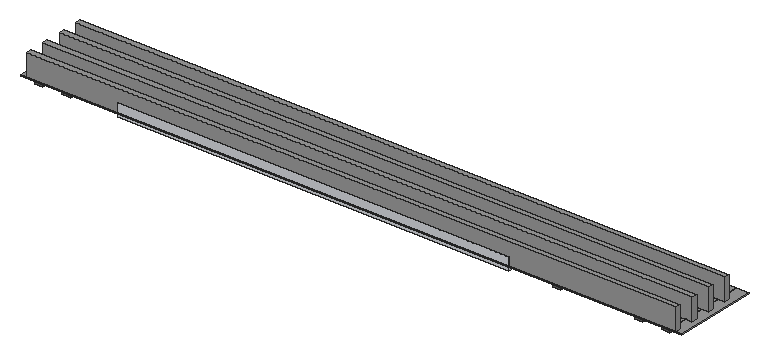
Revit family "1114-4, Solid", category Generic Models, host Face, Revit 2020
Family settings
  Host = Face
  Can host rebar = No
  Round Connector Dimension = Use Diameter
  Part Type = Normal
  Cut with Voids When Loaded = No
  Shared = No
  Room Calculation Point = No
Parameters
  min_value [instance] = 1' - 11 1/4"  # constant formula
  max_value [instance] = 11' - 11 1/4"  # constant formula
  actual_value [instance] = if(NET LENGTH < min_value, min_value, if(NET LENGTH > max_value, max_value, NET LENGTH))  # 7' - 11 1/4"
  SCRIM MATERIAL [instance] = SCRIM
  SCRIM [instance] = yes
  NET LENGTH [instance] = 7' - 11 1/4"
  Default Elevation = 4' - 0"
  BACKER MATERIAL [instance] = BLACK-BACKERS
  .. MEMBER WIDTH [instance] = 0' - 0 3/4"  # constant formula
  .. MEMBER MATERIAL [instance] = Solid Western Hemlock
  .. MEMBER LENGTH [instance] = actual_value  # 7' - 11 1/4"
  .. MEMBER DEPTH [instance] = 0' - 3 1/4"  # constant formula
  .. MEMBER COUNT [instance] = 4  # constant formula
  IMPORTANT NOTE!!!                                                                             *Backer layout is for visualization purposes only, final layout to be determined by 9Wood. [instance] = ""
Reference planes (in)
  plane 1 "Center (Front/Back)": y = 0
  plane 2: z = 1.82209
  plane 3 "Center (Left/Right)": x = 0
Forms (in)
  Extrusion 1, solid
    sketch origin (132, -33.80483, 0) x (1, 0, 0) y (0, 1, 0)
      loop
        line (-118.625, 33.80483) -> (-61.26146, 33.80483) -> (-61.26146, 45.86733) -> (-118.625, 45.86733) -> (-118.625, 33.80483)
    from 1.82209 to 0
Dimensions and locks (in)
  aligned and locked: Extrusion 1 to plane 2
  aligned and locked: plane 3 "Center (Left/Right)" to nested 1
Nested families (in)
  nested 1: "1100 SERIES CONFIG" at (0, 2, 0), .. MEMBER DEPTH <- ".. MEMBER DEPTH", .. MEMBER LENGTH <- ".. MEMBER LENGTH", .. MEMBER WIDTH <- ".. MEMBER WIDTH", .. MEMBER MATERIAL <- ".. MEMBER MATERIAL", BACKING M MATERIAL <- "BACKER MATERIAL", SCRIM  MATERIAL <- "SCRIM MATERIAL", .. MEMBER COUNT <- ".. MEMBER COUNT", SCRIM <- "SCRIM", type "1100 SERIES CONFIG"
    with X 7' - 8", SCRIM OVERHANG 2 0' - 0 3/32", SCRIM OVERHANG 0' - 0 7/8", SCRIM LENGTH 8' - 1", SCRIM  MATERIAL SCRIM, SCRIM yes, NOMINAL LENGTH 7, N 8, Inset 6' - 0 3/8", INSET 0' - 1", INDEX 0' - 5 5/8", HALF MEMBER WIDTH 0' - 0 3/8", HALF LENGTH 3' - 11 5/8", END BACKER yes, BACKING M WIDTH 0' - 1 1/4", BACKING M OC SPACING 1' - 0", BACKING M MATERIAL BLACK-BACKERS, BACKING M LENGTH 0' - 11 7/8", BACKING M DEPTH 0' - 0 1/2", BACKING M COUNT 8, 3/16" INSET 0' - 0 3/16", .. MEMBER WIDTH 0' - 0 3/4", .. MEMBER OC SPACING 0' - 3", .. MEMBER MATERIAL Solid Western Hemlock, .. MEMBER LENGTH 7' - 11 1/4", .. MEMBER DEPTH 0' - 3 1/4", .. MEMBER COUNT 4
Definition of nested family "1100 SERIES CONFIG"
  Parameters (values of type "1100 SERIES CONFIG")
    X [instance] = .. MEMBER LENGTH - 0' 3 1/4"  # 5' - 5"
    SCRIM OVERHANG 2 [instance] = 0' - 0 3/32"  # constant formula
    SCRIM OVERHANG [instance] = 0' - 0 7/8"  # constant formula
    SCRIM LENGTH [instance] = .. MEMBER LENGTH + (SCRIM OVERHANG * 2)  # 5' - 10"
    SCRIM  MATERIAL [instance] = none
    SCRIM [instance] = yes
    NOMINAL LENGTH [instance] = 7
    N [instance] = if((X - (rounddown(X / 1' 0") * 1' 0")) > 1' 0", rounddown(X / 1' 0") + 2, rounddown(X / 1' 0") + 1)  # 6
    Inset [instance] = 6' - 0 3/8"  # constant formula
    INSET [instance] = 0' - 1"  # constant formula
    END BACKER [instance] = INDEX > 0' 3 5/8"  # yes
    INDEX [instance] = (.. MEMBER LENGTH - ((N - 1) * 1' 0")) / 2  # 0' - 4 1/8"
    HALF MEMBER WIDTH [instance] = .. MEMBER WIDTH / 2  # 0' - 0 5/16"
    HALF LENGTH [instance] = .. MEMBER LENGTH / 2  # 2' - 10 1/8"
    Default Elevation = 0' - 0"
    BACKING M WIDTH [instance] = 0' - 1 1/4"
    BACKING M SPACING = 3' - 3"
    BACKING M MATERIAL [instance] = none
    BACKING M LENGTH [instance] = 0' - 11 7/8"
    BACKING M DEPTH [instance] = 0' - 0 1/2"
    BACKING M COUNT [instance] = N  # 6
    BACKING M OC SPACING [instance] = 1' - 0"  # constant formula
    3/16" INSET [instance] = 0' - 0 3/16"  # constant formula
    .. MEMBER WIDTH [instance] = 0' - 0 5/8"
    .. MEMBER OC SPACING [instance] = 1' 0" / .. MEMBER COUNT  # 0' - 4"
    .. MEMBER MATERIAL [instance] = none
    .. MEMBER LENGTH [instance] = 5' - 8 1/4"
    .. MEMBER DEPTH [instance] = 0' - 1 3/8"
    .. MEMBER COUNT [instance] = 3
  Reference planes (in)
    plane 1 "Center (Front/Back)": y = -2
    plane 2: z = 0
    plane 3 "Center (Left/Right)": x = 0
    plane 4: x = 1
    plane 5: x = 4.125
    plane 6: x = 34.125
    plane 7: x = 68.25
    plane 8: x = 67.25
    plane 9: x = 16.125
    plane 10: y = -1.8125
    plane 11: y = -1.6875
    plane 12: y = 2.3125
    plane 13: x = 69.125
    plane 14: x = -0.875
    plane 15: z = 0.5
    plane 16: z = 0.5625
    plane 17: y = 10.0625
    plane 18: y = 10.15625
    plane 19: y = -2.09375
  Dimensions and locks (in)
    "INSET": plane 3 "Center (Left/Right)" to plane 4
    "INDEX": plane 3 "Center (Left/Right)" to plane 5
    "HALF LENGTH": plane 3 "Center (Left/Right)" to plane 6
    ".. MEMBER LENGTH": plane 3 "Center (Left/Right)" to plane 7
    "INSET": plane 8 to plane 7
    equal spacing: group 2, group 3, group 6, group 7, group 8, group 9  (x3)
    "3/16" INSET": plane 1 "Center (Front/Back)" to plane 10
    ".. MEMBER OC SPACING": plane 12 to plane 11
    "SCRIM OVERHANG": plane 14 to plane 3 "Center (Left/Right)"
    "SCRIM OVERHANG": plane 7 to plane 13
    equal spacing: group 1, group 4, group 5  (x2)
    equal spacing: group 5, group 4, group 1
    "HALF MEMBER WIDTH": plane 1 "Center (Front/Back)" to plane 11
    "BACKING M OC SPACING": plane 5 to plane 9
    "SCRIM OVERHANG 2": plane 18 to plane 17
    "SCRIM OVERHANG 2": plane 19 to plane 1 "Center (Front/Back)"
    aligned and locked: level to plane 2
    aligned and locked: plane 6 to nested 1
    aligned and locked: nested 2 to plane 4
    aligned and locked: plane 5 to nested 3
    aligned and locked: plane 1 "Center (Front/Back)" to nested 1
    aligned and locked: nested 2 to plane 10
    aligned and locked: nested 3 to plane 10
    aligned and locked: nested 5 to plane 10
    aligned and locked: nested 4 to plane 10
    aligned and locked: nested 6 to plane 14
    aligned and locked: plane 12 to nested 7
    aligned and locked: nested 7 to plane 3 "Center (Left/Right)"
    aligned and locked: plane 9 to nested 5
    aligned and locked: plane 8 to nested 4
    aligned and locked: plane 15 to nested 2
    aligned and locked: nested 6 to plane 15
    aligned and locked: nested 1 to plane 16
    aligned and locked: nested 7 to plane 16
    aligned and locked: nested 6 to plane 19
  Nested families (in)
    nested 1: "INSTANCE - Parametric Cube" at (34.125, -1.6875, 1.9375), Length <- ".. MEMBER WIDTH", Height <- ".. MEMBER DEPTH", Width <- ".. MEMBER LENGTH", Material <- ".. MEMBER MATERIAL", type "INSTANCE - Parametric Cube"
      with Width 5' - 8 1/4", Material none, Length 0' - 0 5/8", Height 0' - 1 3/8"
    nested 2: "2ND INSTANCE - Parametric Cube" at (1.625, 4.125, 0), Height <- "BACKING M DEPTH", Length <- "BACKING M LENGTH", Width <- "BACKING M WIDTH", Material <- "BACKING M MATERIAL", visible <- "END BACKER", type "2ND INSTANCE - Parametric Cube"
      with Width 0' - 1 1/4", Material none, Length 0' - 11 7/8", Height 0' - 0 1/2"
    nested 3: "2ND INSTANCE - Parametric Cube" at (4.125, 4.125, 0), Length <- "BACKING M LENGTH", Height <- "BACKING M DEPTH", Width <- "BACKING M WIDTH", Material <- "BACKING M MATERIAL", type "2ND INSTANCE - Parametric Cube"
      with Width 0' - 1 1/4", Material none, Length 0' - 11 7/8", Height 0' - 0 1/2"
    nested 4: "2ND INSTANCE - Parametric Cube" at (66.625, 4.125, 0), Width <- "BACKING M WIDTH", Length <- "BACKING M LENGTH", Height <- "BACKING M DEPTH", Material <- "BACKING M MATERIAL", visible <- "END BACKER", type "2ND INSTANCE - Parametric Cube"
      with Width 0' - 1 1/4", Material none, Length 0' - 11 7/8", Height 0' - 0 1/2"
    nested 5: "2ND INSTANCE - Parametric Cube" at (16.125, 4.125, 0), Length <- "BACKING M LENGTH", Height <- "BACKING M DEPTH", Width <- "BACKING M WIDTH", Material <- "BACKING M MATERIAL", type "2ND INSTANCE - Parametric Cube"
      with Width 0' - 1 1/4", Material none, Length 0' - 11 7/8", Height 0' - 0 1/2"
    nested 6: "3RD INSTANCE - Parametric Cube" at (34.125, 4.0445, 0.5), Width <- "SCRIM LENGTH", Material <- "SCRIM  MATERIAL", visible <- "SCRIM", type "3RD INSTANCE - Parametric Cube"
      with Width 5' - 10", Material none, Length 1' - 0.27649", Height 0' - 0 1/16"
    nested 7: "INSTANCE - Parametric Cube" at (34.125, 2.3125, 1.9375), Length <- ".. MEMBER WIDTH", Height <- ".. MEMBER DEPTH", Width <- ".. MEMBER LENGTH", Material <- ".. MEMBER MATERIAL", type "INSTANCE - Parametric Cube"
      with Width 5' - 8 1/4", Material none, Length 0' - 0 5/8", Height 0' - 1 3/8"
    nested 8: "INSTANCE - Parametric Cube" at (34.125, 6.3125, 1.9375), Length <- ".. MEMBER WIDTH", Height <- ".. MEMBER DEPTH", Width <- ".. MEMBER LENGTH", Material <- ".. MEMBER MATERIAL", type "INSTANCE - Parametric Cube"
      with Width 5' - 8 1/4", Material none, Length 0' - 0 5/8", Height 0' - 1 3/8"
    nested 9: "2ND INSTANCE - Parametric Cube" at (28.125, 4.125, 0), Length <- "BACKING M LENGTH", Height <- "BACKING M DEPTH", Width <- "BACKING M WIDTH", Material <- "BACKING M MATERIAL", type "2ND INSTANCE - Parametric Cube"
      with Width 0' - 1 1/4", Material none, Length 0' - 11 7/8", Height 0' - 0 1/2"
    nested 10: "2ND INSTANCE - Parametric Cube" at (40.125, 4.125, 0), Length <- "BACKING M LENGTH", Height <- "BACKING M DEPTH", Width <- "BACKING M WIDTH", Material <- "BACKING M MATERIAL", type "2ND INSTANCE - Parametric Cube"
      with Width 0' - 1 1/4", Material none, Length 0' - 11 7/8", Height 0' - 0 1/2"
    nested 11: "2ND INSTANCE - Parametric Cube" at (52.125, 4.125, 0), Length <- "BACKING M LENGTH", Height <- "BACKING M DEPTH", Width <- "BACKING M WIDTH", Material <- "BACKING M MATERIAL", type "2ND INSTANCE - Parametric Cube"
      with Width 0' - 1 1/4", Material none, Length 0' - 11 7/8", Height 0' - 0 1/2"
    nested 12: "2ND INSTANCE - Parametric Cube" at (64.125, 4.125, 0), Length <- "BACKING M LENGTH", Height <- "BACKING M DEPTH", Width <- "BACKING M WIDTH", Material <- "BACKING M MATERIAL", type "2ND INSTANCE - Parametric Cube"
      with Width 0' - 1 1/4", Material none, Length 0' - 11 7/8", Height 0' - 0 1/2"
  Definition of nested family "INSTANCE - Parametric Cube"
    Parameters (values of type "INSTANCE - Parametric Cube")
      Width [instance] = 0' - 6"
      Material [instance] = none
      Length [instance] = 1' - 0"
      Height [instance] = 1' - 6"
      Default Elevation = 0' - 0"
    Reference planes (in)
      plane 1 "Center (Front/Back)": y = 0
      plane 2: z = 0
      plane 3 "Center (Left/Right)": x = 0
      plane 4: x = -3
      plane 5: x = 3
      plane 6: y = 6
      plane 7: y = -6
      plane 8: z = -18
    Forms (in)
      Extrusion 1, solid, material <- "Material"
        sketch origin (0, 0, 0) x (1, 0, 0) y (0, 1, 0)
          loop
            line (-3, 6) -> (-3, -6) -> (3, -6) -> (3, 6) -> (-3, 6)
        from -18 to 0
    Dimensions and locks (in)
      equal spacing: plane 4, plane 3 "Center (Left/Right)", plane 5
      equal spacing: plane 6, plane 1 "Center (Front/Back)", plane 7
      "Length": plane 6 to plane 7
      "Width": plane 4 to plane 5
      "Height": plane 8 to level
      aligned and locked: plane 2 to level
      aligned and locked: Extrusion 1 sketch curve to plane 6
      aligned and locked: plane 4 to Extrusion 1 sketch curve
      aligned and locked: plane 7 to Extrusion 1 sketch curve
      aligned and locked: Extrusion 1 sketch curve to plane 5
      aligned and locked: Extrusion 1 to plane 8
  Definition of nested family "2ND INSTANCE - Parametric Cube"
    Parameters (values of type "2ND INSTANCE - Parametric Cube")
      Width [instance] = 0' - 6"
      Material [instance] = none
      Length [instance] = 1' - 0"
      Height [instance] = 1' - 6"
      Default Elevation = 0' - 0"
    Reference planes (in)
      plane 1 "Center (Front/Back)": y = 0
      plane 2: z = 0
      plane 3 "Center (Left/Right)": x = 0
      plane 4: x = -3
      plane 5: x = 3
      plane 6: y = 6
      plane 7: y = -6
      plane 8: z = 18
    Forms (in)
      Extrusion 1, solid, material <- "Material"
        sketch origin (0, 0, 0) x (1, 0, 0) y (0, 1, 0)
          loop
            line (-3, 6) -> (-3, -6) -> (3, -6) -> (3, 6) -> (-3, 6)
        from 0 to 18
    Dimensions and locks (in)
      equal spacing: plane 4, plane 3 "Center (Left/Right)", plane 5
      equal spacing: plane 6, plane 1 "Center (Front/Back)", plane 7
      "Length": plane 6 to plane 7
      "Width": plane 4 to plane 5
      "Height": level to plane 8
      aligned and locked: plane 2 to level
      aligned and locked: Extrusion 1 sketch curve to plane 6
      aligned and locked: plane 4 to Extrusion 1 sketch curve
      aligned and locked: plane 7 to Extrusion 1 sketch curve
      aligned and locked: Extrusion 1 sketch curve to plane 5
      aligned and locked: plane 8 to Extrusion 1
      aligned and locked: Extrusion 1 to level
  Definition of nested family "3RD INSTANCE - Parametric Cube"
    Parameters (values of type "3RD INSTANCE - Parametric Cube")
      Width [instance] = 0' - 6"
      Material [instance] = none
      Length [instance] = 1' - 0"
      Height [instance] = 1' - 6"
      Default Elevation = 0' - 0"
    Reference planes (in)
      plane 1 "Center (Front/Back)": y = 0
      plane 2: z = 0
      plane 3 "Center (Left/Right)": x = 0
      plane 4: x = -3
      plane 5: x = 3
      plane 6: y = 6
      plane 7: y = -6
      plane 8: z = 18
    Forms (in)
      Extrusion 1, solid, material <- "Material"
        sketch origin (0, 0, 0) x (1, 0, 0) y (0, 1, 0)
          loop
            line (-3, 6) -> (-3, -6) -> (3, -6) -> (3, 6) -> (-3, 6)
        from 0 to 18
    Dimensions and locks (in)
      equal spacing: plane 4, plane 3 "Center (Left/Right)", plane 5
      equal spacing: plane 6, plane 1 "Center (Front/Back)", plane 7
      "Length": plane 6 to plane 7
      "Width": plane 4 to plane 5
      "Height": level to plane 8
      aligned and locked: plane 2 to level
      aligned and locked: Extrusion 1 sketch curve to plane 6
      aligned and locked: plane 4 to Extrusion 1 sketch curve
      aligned and locked: plane 7 to Extrusion 1 sketch curve
      aligned and locked: Extrusion 1 sketch curve to plane 5
      aligned and locked: plane 8 to Extrusion 1
      aligned and locked: Extrusion 1 to level
